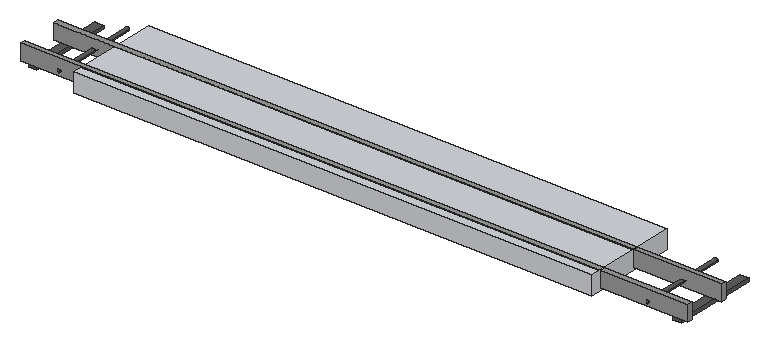
Revit family "1213-2, Solid", category Generic Models, host Face, Revit 2020
Family settings
  Host = Face
  Can host rebar = No
  Round Connector Dimension = Use Diameter
  Part Type = Normal
  Cut with Voids When Loaded = No
  Shared = No
  Room Calculation Point = No
Parameters
  min_value [instance] = 1' - 11 1/4"  # constant formula
  max_value [instance] = 11' - 11 1/4"  # constant formula
  actual_value [instance] = if(NET LENGTH < min_value, min_value, if(NET LENGTH > max_value, max_value, NET LENGTH))  # 7' - 11 1/4"
  NET LENGTH [instance] = 7' - 11 1/4"
  IMPORTANT NOTE!!!                                                                             *Backer & dowel layout is for visualization purposes only, final layout to be determined by 9Wood. [instance] = ""
  Default Elevation = 4' - 0"
  DOWEL RADIUS [instance] = 0' - 0 1/4"  # constant formula
  BACKING M MATERIAL [instance] = BLACK-BACKERS
  .. MEMBER WIDTH [instance] = 0' - 0 3/4"  # constant formula
  .. MEMBER MATERIAL [instance] = Solid Western Hemlock
  .. MEMBER DEPTH [instance] = 0' - 2 1/4"  # constant formula
  .. MEMBER COUNT [instance] = 2  # constant formula
Reference planes (in)
  plane 1 "Center (Front/Back)": y = 0
  plane 2: z = 2.726
  plane 3 "Center (Left/Right)": x = 0
Forms (in)
  Extrusion 1, solid
    sketch origin (15, -0.86619, -0.99308) x (0, 1, 0) y (-1, 0, 0)
      loop
        line (3.42869, -23.66817) -> (3.42869, 50.25) -> (-10, 50.25) -> (-10, -23.66817) -> (3.42869, -23.66817)
    from 3.71908 to 1.00111
Dimensions and locks (in)
  aligned and locked: plane 2 to Extrusion 1
Nested families (in)
  nested 1: "1200 Series" at (-44, -2, 1.87867), NET LENGTH <- "actual_value", DOWEL RADII <- "DOWEL RADIUS", .. MEMBER WIDTH <- ".. MEMBER WIDTH", .. MEMBER DEPTH <- ".. MEMBER DEPTH", .. MEMBER MATERIAL <- ".. MEMBER MATERIAL", BACKING M MATERIAL <- "BACKING M MATERIAL", .. MEMBER COUNT <- ".. MEMBER COUNT", type "1200 Series"
    with X 7' - 4", WIDTH 1' - 0 1/16", Space 0' - 0 11/16", START 0' - 0 3/8", SCRIM MATERIAL SCRIM, SCRIM 3 8' - 1", SCRIM 2 0' - 0 7/8", SCRIM 1 0' - 0 3/32", SCRIM yes, NET LENGTH 7' - 11 1/4", N 8, INSET 3 0' - 0 3/16", INSET 0' - 1", INDEX 0' - 5 5/8", END BACKER yes, DOWEL RADII 0' - 0 1/4", DOWEL COUNT 8, BACKING M WIDTH 0' - 1 1/4", BACKING M MATERIAL BLACK-BACKERS, BACKING M LENGTH 0' - 11 7/8", BACKING M DEPTH 0' - 0 1/2", .. MEMBER WIDTH 0' - 0 3/4", .. MEMBER OC TYP 0' - 6", .. MEMBER MATERIAL Solid Western Hemlock, .. MEMBER DEPTH 0' - 2 1/4", .. MEMBER COUNT 2
Definition of nested family "1200 Series"
  Parameters (values of type "1200 Series")
    X [instance] = NET LENGTH - (0' 3 5/8" * 2)  # 6' - 2"
    WIDTH [instance] = 1' - 0 1/16"
    Space [instance] = 0' - 0 11/16"  # constant formula
    START [instance] = .. MEMBER WIDTH / 2  # 0' - 0 3/8"
    SCRIM MATERIAL [instance] = none
    SCRIM 3 [instance] = NET LENGTH + (SCRIM 2 * 2)  # 6' - 11"
    SCRIM 2 [instance] = 0' - 0 7/8"
    SCRIM 1 [instance] = 0' - 0 3/32"
    SCRIM [instance] = yes
    NET LENGTH [instance] = 6' - 9 1/4"
    N [instance] = if((X - (rounddown(X / 1' 0") * 1' 0")) > 1' 0", rounddown(X / 1' 0") + 2, rounddown(X / 1' 0") + 1)  # 7
    INSET 3 [instance] = 0' - 0 3/16"
    INSET [instance] = 0' - 1"
    INDEX [instance] = (NET LENGTH - ((N - 1) * 1' 0")) / 2  # 0' - 4 5/8"
    END BACKER [instance] = yes
    Default Elevation = 0' - 0"
    DOWEL RADII [instance] = 0' - 0 1/4"
    DOWEL COUNT [instance] = N  # 7
    BACKING M WIDTH [instance] = 0' - 1 1/4"
    BACKING M MATERIAL [instance] = none
    BACKING M LENGTH [instance] = 0' - 11 7/8"
    BACKING M DEPTH [instance] = 0' - 0 1/2"
    .. MEMBER WIDTH [instance] = 0' - 0 3/4"
    .. MEMBER OC TYP [instance] = 1' 0" / .. MEMBER COUNT  # 0' - 3"
    .. MEMBER MATERIAL [instance] = none
    .. MEMBER DEPTH [instance] = 0' - 1 3/8"
    .. MEMBER COUNT [instance] = 4
  Reference planes (in)
    plane 1 "Center (Front/Back)": y = -7.5
    plane 2: z = 0
    plane 3 "Center (Left/Right)": x = 0
    plane 4: x = 1
    plane 5: x = 4.625
    plane 6: x = 81.25
    plane 7: x = 80.25
    plane 8: x = 16.625
    plane 9: y = -7.3125
    plane 10: y = -4.125
    plane 11: y = -7.125
    plane 12: y = 4.5625
    plane 13: y = -4.5
    plane 14: y = -7.59375
    plane 15: x = 82.125
    plane 16: y = 4.65625
    plane 17: x = -0.875
    plane 18: z = -1.375
    plane 19: z = -0.6875
  Lines and regions (in)
    model lines
      curve 1: line (4.375, -7.5, -0.6875) -> (4.875, -7.5, -0.6875)
    model lines, not visible
      curve 2: line (4.625, -7.5, -0.9375) -> (4.625, -7.5, -0.4375)
      curve 3: line (4.375, -7.5, -0.6875) -> (4.875, -7.5, -0.6875)
      curve 4: line (16.625, -7.5, -0.9375) -> (16.625, -7.5, -0.4375)
      curve 5: line (16.375, -7.5, -0.6875) -> (16.875, -7.5, -0.6875)
      curve 6: line (28.625, -7.5, -0.9375) -> (28.625, -7.5, -0.4375)
      curve 7: line (28.375, -7.5, -0.6875) -> (28.875, -7.5, -0.6875)
      curve 8: line (40.625, -7.5, -0.9375) -> (40.625, -7.5, -0.4375)
      curve 9: line (40.375, -7.5, -0.6875) -> (40.875, -7.5, -0.6875)
      curve 10: line (52.625, -7.5, -0.9375) -> (52.625, -7.5, -0.4375)
      curve 11: line (52.375, -7.5, -0.6875) -> (52.875, -7.5, -0.6875)
      curve 12: line (64.625, -7.5, -0.9375) -> (64.625, -7.5, -0.4375)
      curve 13: line (64.375, -7.5, -0.6875) -> (64.875, -7.5, -0.6875)
      curve 14: line (76.625, -7.5, -0.9375) -> (76.625, -7.5, -0.4375)
      curve 15: line (76.375, -7.5, -0.6875) -> (76.875, -7.5, -0.6875)
  Dimensions and locks (in)
    "NET LENGTH": plane 3 "Center (Left/Right)" to plane 6
    "INSET": plane 7 to plane 6
    "INDEX": plane 3 "Center (Left/Right)" to plane 5
    plane 5 to plane 8 = 1' - 0"
    "INSET 3": plane 1 "Center (Front/Back)" to plane 9
    equal spacing: group 1, group 2, group 3, group 4  (x3)
    "START": plane 11 to plane 1 "Center (Front/Back)"
    ".. MEMBER OC TYP": plane 10 to plane 11
    "WIDTH": plane 12 to plane 1 "Center (Front/Back)"
    "START": plane 10 to plane 13
    "SCRIM 1": plane 14 to plane 1 "Center (Front/Back)"
    "SCRIM 2": plane 6 to plane 15
    "SCRIM 1": plane 12 to plane 16
    "SCRIM 2": plane 17 to plane 3 "Center (Left/Right)"
    "INSET": plane 3 "Center (Left/Right)" to plane 4
    equal spacing: group 5, group 6, group 7, group 8, group 9, group 10, group 11  (x3)
    "Space": plane 19 to plane 18
    aligned and locked: level to plane 2
    aligned and locked: nested 1 to plane 4  (x2)
    aligned and locked: plane 7 to nested 2
    aligned and locked: plane 5 to nested 3
    aligned and locked: nested 1 to plane 9
    aligned and locked: plane 1 "Center (Front/Back)" to nested 4
    aligned and locked: plane 9 to nested 2
    aligned and locked: plane 13 to nested 5
    aligned and locked: nested 3 to plane 9
    aligned and locked: plane 18 to nested 1
    aligned and locked: plane 19 to nested 3
    aligned and locked: curve 1 to plane 19
    aligned and locked: plane 8 to curve 4
    aligned and locked: curve 5 to plane 19
    aligned and locked: nested 4 to plane 18
  Automatic sketch dimensions
    curve 1 to curve 1 = 0' - 0 1/2"
    curve 1 to plane 5 = 0' - 0 1/4"
    plane 5 to curve 1 = 0' - 0 1/4"
    curve 3 to curve 2 = 0' - 0 1/4"  (x2)
    curve 2 to curve 3 = 0' - 0 1/4"  (x2)
    curve 5 to curve 4 = 0' - 0 1/4"  (x2)
    curve 4 to curve 5 = 0' - 0 1/4"  (x2)
    curve 7 to curve 6 = 0' - 0 1/4"  (x2)
    curve 6 to curve 7 = 0' - 0 1/4"  (x2)
    curve 9 to curve 8 = 0' - 0 1/4"  (x2)
    curve 8 to curve 9 = 0' - 0 1/4"  (x2)
    curve 11 to curve 10 = 0' - 0 1/4"  (x2)
    curve 10 to curve 11 = 0' - 0 1/4"  (x2)
    curve 13 to curve 12 = 0' - 0 1/4"  (x2)
    curve 12 to curve 13 = 0' - 0 1/4"  (x2)
    curve 15 to curve 14 = 0' - 0 1/4"  (x2)
    curve 14 to curve 15 = 0' - 0 1/4"  (x2)
  Nested families (in)
    nested 1: "INSTANCE - 2ND -  EXTEND SIDE H CENTER W - Parametric Cube" at (1, -1.375, -1.375) x (0, -1, 0) z (0, 0, 1), Width <- "BACKING M LENGTH", Length <- "BACKING M WIDTH", Material <- "BACKING M MATERIAL", Height <- "BACKING M DEPTH", visible <- "END BACKER", type "INSTANCE - 2ND -  EXTEND SIDE H CENTER W - Parametric Cube"
      with Width 0' - 11 7/8", Material none, Length 0' - 1 1/4", Height 0' - 0 1/2"
    nested 2: "INSTANCE - 2ND -  EXTEND SIDE H CENTER W - Parametric Cube" at (80.25, -1.375, -1.375) x (0, -1, 0) z (0, 0, 1), Width <- "BACKING M LENGTH", Length <- "BACKING M WIDTH", Material <- "BACKING M MATERIAL", Height <- "BACKING M DEPTH", visible <- "END BACKER", type "INSTANCE - 2ND -  EXTEND SIDE H CENTER W - Parametric Cube"
      with Width 0' - 11 7/8", Material none, Length 0' - 1 1/4", Height 0' - 0 1/2"
    nested 3: "Family3" at (-5.375, -7.3125, -0.6875), DOWEL RADII <- "DOWEL RADII", BACKING MEM MATERIAL <- "BACKING M MATERIAL", type "Family3"
      with DOWEL RADII 0' - 0 1/4", DOWEL LENGTH 0' - 11 7/8", BACKING MEM MATERIAL none
    nested 4: "HOLED MEMBER" at (0, -18.75, 6.19404), DOWEL RADII <- "DOWEL RADII", .. MEMBER LENGTH <- "NET LENGTH", DOWEL COUNT <- "DOWEL COUNT", DEPTH <- ".. MEMBER DEPTH", .. MEMBER WIDTH <- ".. MEMBER WIDTH", Material <- ".. MEMBER MATERIAL", DOWEL INDEX <- "INDEX", Space 2 <- "Space", type "HOLED MEMBER"
      with Width 0' - 6", Space 2 0' - 0 11/16", Material none, Length 1' - 0", Height 0' - 10.43096", DOWEL RADII 0' - 0 1/4", DOWEL OC DIST 1' - 0", DOWEL INDEX 0' - 4 5/8", DOWEL COUNT 7, DEPTH 0' - 1 3/8", .. MEMBER WIDTH 0' - 0 3/4", .. MEMBER LENGTH 6' - 9 1/4"
    nested 5: "HOLED MEMBER" at (0, -15.75, 6.19404), DOWEL RADII <- "DOWEL RADII", .. MEMBER LENGTH <- "NET LENGTH", DOWEL COUNT <- "DOWEL COUNT", DEPTH <- ".. MEMBER DEPTH", .. MEMBER WIDTH <- ".. MEMBER WIDTH", Material <- ".. MEMBER MATERIAL", DOWEL INDEX <- "INDEX", Space 2 <- "Space", type "HOLED MEMBER"
      with Width 0' - 6", Space 2 0' - 0 11/16", Material none, Length 1' - 0", Height 0' - 10.43096", DOWEL RADII 0' - 0 1/4", DOWEL OC DIST 1' - 0", DOWEL INDEX 0' - 4 5/8", DOWEL COUNT 7, DEPTH 0' - 1 3/8", .. MEMBER WIDTH 0' - 0 3/4", .. MEMBER LENGTH 6' - 9 1/4"
    nested 6: "HOLED MEMBER" at (0, -12.75, 6.19404), DOWEL RADII <- "DOWEL RADII", .. MEMBER LENGTH <- "NET LENGTH", DOWEL COUNT <- "DOWEL COUNT", DEPTH <- ".. MEMBER DEPTH", .. MEMBER WIDTH <- ".. MEMBER WIDTH", Material <- ".. MEMBER MATERIAL", DOWEL INDEX <- "INDEX", Space 2 <- "Space", type "HOLED MEMBER"
      with Width 0' - 6", Space 2 0' - 0 11/16", Material none, Length 1' - 0", Height 0' - 10.43096", DOWEL RADII 0' - 0 1/4", DOWEL OC DIST 1' - 0", DOWEL INDEX 0' - 4 5/8", DOWEL COUNT 7, DEPTH 0' - 1 3/8", .. MEMBER WIDTH 0' - 0 3/4", .. MEMBER LENGTH 6' - 9 1/4"
    nested 7: "HOLED MEMBER" at (0, -9.75, 6.19404), DOWEL RADII <- "DOWEL RADII", .. MEMBER LENGTH <- "NET LENGTH", DOWEL COUNT <- "DOWEL COUNT", DEPTH <- ".. MEMBER DEPTH", .. MEMBER WIDTH <- ".. MEMBER WIDTH", Material <- ".. MEMBER MATERIAL", DOWEL INDEX <- "INDEX", Space 2 <- "Space", type "HOLED MEMBER"
      with Width 0' - 6", Space 2 0' - 0 11/16", Material none, Length 1' - 0", Height 0' - 10.43096", DOWEL RADII 0' - 0 1/4", DOWEL OC DIST 1' - 0", DOWEL INDEX 0' - 4 5/8", DOWEL COUNT 7, DEPTH 0' - 1 3/8", .. MEMBER WIDTH 0' - 0 3/4", .. MEMBER LENGTH 6' - 9 1/4"
    nested 8: "Family3" at (6.625, -7.3125, -0.6875), DOWEL RADII <- "DOWEL RADII", BACKING MEM MATERIAL <- "BACKING M MATERIAL", type "Family3"
      with DOWEL RADII 0' - 0 1/4", DOWEL LENGTH 0' - 11 7/8", BACKING MEM MATERIAL none
    nested 9: "Family3" at (18.625, -7.3125, -0.6875), DOWEL RADII <- "DOWEL RADII", BACKING MEM MATERIAL <- "BACKING M MATERIAL", type "Family3"
      with DOWEL RADII 0' - 0 1/4", DOWEL LENGTH 0' - 11 7/8", BACKING MEM MATERIAL none
    nested 10: "Family3" at (30.625, -7.3125, -0.6875), DOWEL RADII <- "DOWEL RADII", BACKING MEM MATERIAL <- "BACKING M MATERIAL", type "Family3"
      with DOWEL RADII 0' - 0 1/4", DOWEL LENGTH 0' - 11 7/8", BACKING MEM MATERIAL none
    nested 11: "Family3" at (42.625, -7.3125, -0.6875), DOWEL RADII <- "DOWEL RADII", BACKING MEM MATERIAL <- "BACKING M MATERIAL", type "Family3"
      with DOWEL RADII 0' - 0 1/4", DOWEL LENGTH 0' - 11 7/8", BACKING MEM MATERIAL none
    nested 12: "Family3" at (54.625, -7.3125, -0.6875), DOWEL RADII <- "DOWEL RADII", BACKING MEM MATERIAL <- "BACKING M MATERIAL", type "Family3"
      with DOWEL RADII 0' - 0 1/4", DOWEL LENGTH 0' - 11 7/8", BACKING MEM MATERIAL none
    nested 13: "Family3" at (66.625, -7.3125, -0.6875), DOWEL RADII <- "DOWEL RADII", BACKING MEM MATERIAL <- "BACKING M MATERIAL", type "Family3"
      with DOWEL RADII 0' - 0 1/4", DOWEL LENGTH 0' - 11 7/8", BACKING MEM MATERIAL none
  Definition of nested family "INSTANCE - 2ND -  EXTEND SIDE H CENTER W - Parametric Cube"
    Parameters (values of type "INSTANCE - 2ND -  EXTEND SIDE H CENTER W - Parametric Cube")
      Width [instance] = 0' - 6"
      Material [instance] = none
      Length [instance] = 1' - 0"
      Height [instance] = 1' - 6"
      Default Elevation = 0' - 0"
    Reference planes (in)
      plane 1 "Center (Front/Back)": y = 0
      plane 2: z = 0
      plane 3 "Center (Left/Right)": x = 0
      plane 4: x = -3
      plane 5: x = 3
      plane 6: y = 12
      plane 7: z = -18
    Forms (in)
      Extrusion 1, solid, material <- "Material"
        sketch origin (0, 6, 0) x (1, 0, 0) y (0, 1, 0)
          loop
            line (-3, 6) -> (-3, -6) -> (3, -6) -> (3, 6) -> (-3, 6)
        from -18 to 0
    Dimensions and locks (in)
      equal spacing: plane 4, plane 3 "Center (Left/Right)", plane 5
      "Width": plane 4 to plane 5
      "Height": plane 7 to level
      "Length": plane 1 "Center (Front/Back)" to plane 6
      aligned and locked: plane 2 to level
      aligned and locked: plane 4 to Extrusion 1 sketch curve
      aligned and locked: Extrusion 1 sketch curve to plane 5
      aligned and locked: Extrusion 1 to plane 7
      aligned and locked: plane 6 to Extrusion 1
    Automatic sketch dimensions
      plane 1 "Center (Front/Back)" to Extrusion 1 sketch curve = 0' - 0"
      plane 6 to Extrusion 1 sketch curve = 0' - 0"
  Definition of nested family "Family3"
    Parameters (values of type "Family3")
      Default Elevation = 0' - 0"
      DOWEL RADII [instance] = 0' - 0 5/8"
      DOWEL LENGTH [instance] = 0' - 5"
      BACKING MEM MATERIAL [instance] = none
    Reference planes (in)
      plane 1 "Center (Front/Back)": y = 0
      plane 2: z = 0
      plane 3 "Center (Left/Right)": x = 0
      plane 4: y = 5
    Forms (in)
      Extrusion 1, solid, material <- "BACKING MEM MATERIAL"
        sketch origin (10, 0, 0) x (1, 0, 0) y (0, 0, 1)
          loop
            circle (0, 0) r 0.625
        from 0 to -5
      Extrusion 2, solid, not visible
        sketch origin (0, 0, 0) x (1, 0, 0) y (0, 0, 1)
          loop
            circle (0, 0) r 0.625
        from 0 to 12
      Extrusion 3, solid, not visible
        sketch origin (10, 0, 0) x (1, 0, 0) y (0, 0, 1)
          loop
            circle (0, 0) r 0.625
        from 0 to 2.5
      Extrusion 4, solid, not visible
        sketch origin (10, 0, 0) x (1, 0, 0) y (0, 0, 1)
          loop
            circle (0, 0) r 0.625
        from 0 to -12
    Lines and regions (in)
      model lines, not visible
        curve 1: line (-13, 0, 0) -> (-13, -12, 0)
        curve 2: line (13, 0, 0) -> (13, -12, 0)
        curve 3: line (9.89453, 0, 0) -> (10.08794, 0, 0)
        curve 4: line (9.89453, -2.5, 0) -> (10.08794, -2.5, 0)
        curve 6: line (10, 0, 0) -> (10, 2, 0)
      model lines
        curve 5: line (10, 0, 0) -> (10, 2, 0)
    Dimensions and locks (in)
      "DOWEL LENGTH": plane 1 "Center (Front/Back)" to plane 4
      "DOWEL RADII": radius of Extrusion 1 sketch curve
      "DOWEL RADII": radius of Extrusion 2 sketch curve
      "DOWEL RADII": radius of Extrusion 3 sketch curve
      "DOWEL RADII": radius of Extrusion 4 sketch curve
      "DOWEL RADII": radius of Extrusion 1
      aligned and locked: plane 2 to level
      aligned and locked: Extrusion 1 to plane 1 "Center (Front/Back)"  (x3)
      aligned and locked: plane 1 "Center (Front/Back)" to Extrusion 1
      aligned and locked: plane 4 to Extrusion 1
    Automatic sketch dimensions
      plane 1 "Center (Front/Back)" to curve 5 = 0' - 0"
      curve 5 to plane 1 "Center (Front/Back)" = 0' - 2"
      plane 3 "Center (Left/Right)" to curve 5 = 0' - 10"
      Extrusion 1 sketch curve to level = 0' - 0"
      plane 3 "Center (Left/Right)" to Extrusion 1 sketch curve = 0' - 10"
  Definition of nested family "HOLED MEMBER"
    Parameters (values of type "HOLED MEMBER")
      Width [instance] = 0' - 6"
      Space 2 [instance] = 0' - 0 5/8"
      Space = 0' - 0 5/8"
      Material [instance] = none
      Length [instance] = 1' - 0"
      Height [instance] = 0' - 10.43096"
      Default Elevation = 0' - 0"
      DOWEL RADII [instance] = 0' - 0.34537"
      DOWEL OC DIST [instance] = 1' - 0"
      DOWEL INSET = 0' - 0 5/8"
      DOWEL INDEX [instance] = 0' - 5 5/8"
      DOWEL COUNT [instance] = 6
      DEPTH [instance] = 0' - 2"
      .. MEMBER WIDTH [instance] = 0' - 0 5/8"
      .. MEMBER LENGTH [instance] = 5' - 11 3/4"
    Reference planes (in)
      plane 1 "Center (Front/Back)": y = 12
      plane 2: z = -7.56904
      plane 3 "Center (Left/Right)": x = 0
      plane 4: x = 5.625
      plane 5: x = 17.625
      plane 6: y = 11.375
      plane 7: x = 71.75
      plane 8: z = -6.94404
      plane 9: z = -5.56904
    Forms (in)
      Extrusion 1, solid, material <- "Material"
        sketch origin (0, 12, -13.56904) x (1, 0, 0) y (0, 0, 1)
          loop
            line (0, 6) -> (71.75, 6) -> (71.75, 8) -> (0, 8) -> (0, 6)
        from 0.625 to 0
      Extrusion 2, void
        sketch origin (0, 12, -18.31904) x (1, 0, 0) y (0, 0, 1)
          loop
            circle (5.625, 11.375) r 0.34537
        from 0 to 12
      Extrusion 3, void, not visible
        sketch origin (0, 1.25, 0) x (1, 0, 0) y (0, 1, 0)
          loop
            circle (5.625, 11.375) r 0.34537
        from 0 to 12
      Extrusion 4, void, not visible
        sketch origin (0, 1.25, 0) x (1, 0, 0) y (0, 1, 0)
          loop
            circle (5.625, 11.375) r 0.34537
        from 0 to 12
      Extrusion 5, void, not visible
        sketch origin (12, 1.25, 0) x (1, 0, 0) y (0, 1, 0)
          loop
            circle (5.625, 11.375) r 0.34537
        from 0 to 12
      Extrusion 6, void, not visible
        sketch origin (0, 12, -16.31904) x (1, 0, 0) y (0, 0, 1)
          loop
            circle (5.625, 11.375) r 0.34537
        from 0 to 12
      Extrusion 7, void, not visible
        sketch origin (12, 12, -16.31904) x (1, 0, 0) y (0, 0, 1)
          loop
            circle (5.625, 11.375) r 0.34537
        from 0 to 12
      Extrusion 8, void, not visible
        sketch origin (0, 12, -18.31904) x (1, 0, 0) y (0, 0, 1)
          loop
            circle (5.625, 11.375) r 0.34537
        from 0 to 12
      Extrusion 9, void
        sketch origin (12, 12, -18.31904) x (1, 0, 0) y (0, 0, 1)
          loop
            circle (5.625, 11.375) r 0.34537
        from 0 to 12
      Extrusion 10, void, not visible
        sketch origin (24, 12, -16.31904) x (1, 0, 0) y (0, 0, 1)
          loop
            circle (5.625, 11.375) r 0.34537
        from 0 to 12
      Extrusion 11, void, not visible
        sketch origin (36, 12, -16.31904) x (1, 0, 0) y (0, 0, 1)
          loop
            circle (5.625, 11.375) r 0.34537
        from 0 to 12
      Extrusion 12, void, not visible
        sketch origin (48, 12, -16.31904) x (1, 0, 0) y (0, 0, 1)
          loop
            circle (5.625, 11.375) r 0.34537
        from 0 to 12
      Extrusion 13, void, not visible
        sketch origin (60, 12, -16.31904) x (1, 0, 0) y (0, 0, 1)
          loop
            circle (5.625, 11.375) r 0.34537
        from 0 to 12
      Extrusion 14, void, not visible
        sketch origin (24, 1.25, 0) x (1, 0, 0) y (0, 1, 0)
          loop
            circle (5.625, 11.375) r 0.34537
        from 0 to 12
      Extrusion 15, void, not visible
        sketch origin (36, 1.25, 0) x (1, 0, 0) y (0, 1, 0)
          loop
            circle (5.625, 11.375) r 0.34537
        from 0 to 12
      Extrusion 16, void, not visible
        sketch origin (48, 1.25, 0) x (1, 0, 0) y (0, 1, 0)
          loop
            circle (5.625, 11.375) r 0.34537
        from 0 to 12
      Extrusion 17, void, not visible
        sketch origin (60, 1.25, 0) x (1, 0, 0) y (0, 1, 0)
          loop
            circle (5.625, 11.375) r 0.34537
        from 0 to 12
      Extrusion 18, void
        sketch origin (24, 12, -18.31904) x (1, 0, 0) y (0, 0, 1)
          loop
            circle (5.625, 11.375) r 0.34537
        from 0 to 12
      Extrusion 19, void
        sketch origin (36, 12, -18.31904) x (1, 0, 0) y (0, 0, 1)
          loop
            circle (5.625, 11.375) r 0.34537
        from 0 to 12
      Extrusion 20, void
        sketch origin (48, 12, -18.31904) x (1, 0, 0) y (0, 0, 1)
          loop
            circle (5.625, 11.375) r 0.34537
        from 0 to 12
      Extrusion 21, void
        sketch origin (60, 12, -18.31904) x (1, 0, 0) y (0, 0, 1)
          loop
            circle (5.625, 11.375) r 0.34537
        from 0 to 12
    Cuts and joins
      Extrusion 2, Extrusion 9, Extrusion 18, Extrusion 19, Extrusion 20, Extrusion 21 cuts Extrusion 1
    Lines and regions (in)
      model lines, not visible
        curve 1: line (5.625, 11.72037, 0) -> (5.625, 11.02963, 0)
        curve 2: line (5.625, 11.72037, 0) -> (5.625, 11.02963, 0)
        curve 3: line (17.625, 11.72037, 0) -> (17.625, 11.02963, 0)
        curve 4: line (5.625, 12, -7.56904) -> (5.625, 11.87317, -7.56904)
        curve 5: line (5.625, 11.87317, -7.56904) -> (5.06195, 11.87317, -7.56904)
        curve 6: line (5.06195, 11.87317, -7.56904) -> (5.27963, 11.375, -7.56904)
        curve 7: line (0, 12, -6.19404) -> (0, 11.61951, -6.19404)
        curve 8: line (0, 11.375, -8.19404) -> (0, 11.6747, -8.19404)
        curve 9: line (5.625, 12, -7.56904) -> (5.625, 11.69863, -7.56904)
        curve 11: line (5.625, 12, 0) -> (5.625, 12, 0.30137)
        curve 12: line (5.625, 12, 0) -> (5.625, 12, 0.30137)
        curve 13: line (17.625, 12, 0) -> (17.625, 12, 0.30137)
        curve 14: line (5.625, 12, -5.56904) -> (5.625, 11.69863, -5.56904)
        curve 15: line (17.625, 12, -5.56904) -> (17.625, 11.69863, -5.56904)
        curve 16: line (5.625, 12, -7.56904) -> (5.625, 11.69863, -7.56904)
        curve 18: line (29.625, 12, -5.56904) -> (29.625, 11.69863, -5.56904)
        curve 19: line (41.625, 12, -5.56904) -> (41.625, 11.69863, -5.56904)
        curve 20: line (53.625, 12, -5.56904) -> (53.625, 11.69863, -5.56904)
        curve 21: line (65.625, 12, -5.56904) -> (65.625, 11.69863, -5.56904)
        curve 22: line (29.625, 11.72037, 0) -> (29.625, 11.02963, 0)
        curve 23: line (29.625, 12, 0) -> (29.625, 12, 0.30137)
        curve 24: line (41.625, 11.72037, 0) -> (41.625, 11.02963, 0)
        curve 25: line (41.625, 12, 0) -> (41.625, 12, 0.30137)
        curve 26: line (53.625, 11.72037, 0) -> (53.625, 11.02963, 0)
        curve 27: line (53.625, 12, 0) -> (53.625, 12, 0.30137)
        curve 28: line (65.625, 11.72037, 0) -> (65.625, 11.02963, 0)
        curve 29: line (65.625, 12, 0) -> (65.625, 12, 0.30137)
        curve 35: line (5.27963, 12.625, 0) -> (5.97037, 12.625, 0)
        curve 36: line (5.27963, 12.625, 0) -> (5.97037, 12.625, 0)
        curve 37: line (17.27963, 12.625, 0) -> (17.97037, 12.625, 0)
        curve 38: line (5.27963, 12, -4.94404) -> (5.97037, 12, -4.94404)
        curve 39: line (17.27963, 12, -4.94404) -> (17.97037, 12, -4.94404)
        curve 40: line (5.27963, 12, -6.94404) -> (5.97037, 12, -6.94404)
        curve 42: line (29.27963, 12, -4.94404) -> (29.97037, 12, -4.94404)
        curve 43: line (41.27963, 12, -4.94404) -> (41.97037, 12, -4.94404)
        curve 44: line (53.27963, 12, -4.94404) -> (53.97037, 12, -4.94404)
        curve 45: line (65.27963, 12, -4.94404) -> (65.97037, 12, -4.94404)
        curve 46: line (29.27963, 12.625, 0) -> (29.97037, 12.625, 0)
        curve 47: line (41.27963, 12.625, 0) -> (41.97037, 12.625, 0)
        curve 48: line (53.27963, 12.625, 0) -> (53.97037, 12.625, 0)
        curve 49: line (65.27963, 12.625, 0) -> (65.97037, 12.625, 0)
        curve 54: line (0, 12, -6.94404) -> (0, 4.22059, -6.94404)
        curve 55: line (0, 12.625, 0) -> (0, 12.625, 7.77941)
        curve 56: line (0, 12.625, 0) -> (0, 12.625, 7.77941)
        curve 57: line (12, 12.625, 0) -> (12, 12.625, 7.77941)
        curve 58: line (0, 12, -4.94404) -> (0, 4.22059, -4.94404)
        curve 59: line (12, 12, -4.94404) -> (12, 4.22059, -4.94404)
        curve 60: line (0, 12, -6.94404) -> (0, 4.22059, -6.94404)
        curve 61: line (12, 12, -6.94404) -> (12, 4.22059, -6.94404)
        curve 62: line (24, 12, -4.94404) -> (24, 4.22059, -4.94404)
        curve 63: line (36, 12, -4.94404) -> (36, 4.22059, -4.94404)
        curve 64: line (48, 12, -4.94404) -> (48, 4.22059, -4.94404)
        curve 65: line (60, 12, -4.94404) -> (60, 4.22059, -4.94404)
        curve 66: line (24, 12.625, 0) -> (24, 12.625, 7.77941)
        curve 67: line (36, 12.625, 0) -> (36, 12.625, 7.77941)
        curve 68: line (48, 12.625, 0) -> (48, 12.625, 7.77941)
        curve 69: line (60, 12.625, 0) -> (60, 12.625, 7.77941)
        curve 70: line (24, 12, -6.94404) -> (24, 4.22059, -6.94404)
        curve 71: line (36, 12, -6.94404) -> (36, 4.22059, -6.94404)
        curve 72: line (48, 12, -6.94404) -> (48, 4.22059, -6.94404)
        curve 73: line (60, 12, -6.94404) -> (60, 4.22059, -6.94404)
      model lines
        curve 10: line (5.625, 12, -7.56904) -> (5.625, 11.69863, -7.56904)
        curve 17: line (17.625, 12, -7.56904) -> (17.625, 11.69863, -7.56904)
        curve 30: line (29.625, 12, -7.56904) -> (29.625, 11.69863, -7.56904)
        curve 31: line (41.625, 12, -7.56904) -> (41.625, 11.69863, -7.56904)
        curve 32: line (53.625, 12, -7.56904) -> (53.625, 11.69863, -7.56904)
        curve 33: line (65.625, 12, -7.56904) -> (65.625, 11.69863, -7.56904)
        curve 34: line (5.27963, 12, -6.94404) -> (5.97037, 12, -6.94404)
        curve 41: line (17.27963, 12, -6.94404) -> (17.97037, 12, -6.94404)
        curve 50: line (29.27963, 12, -6.94404) -> (29.97037, 12, -6.94404)
        curve 51: line (41.27963, 12, -6.94404) -> (41.97037, 12, -6.94404)
        curve 52: line (53.27963, 12, -6.94404) -> (53.97037, 12, -6.94404)
        curve 53: line (65.27963, 12, -6.94404) -> (65.97037, 12, -6.94404)
    Dimensions and locks (in)
      "DOWEL INDEX": plane 3 "Center (Left/Right)" to plane 4
      "DOWEL OC DIST": plane 4 to plane 5
      ".. MEMBER LENGTH": plane 3 "Center (Left/Right)" to plane 7
      equal spacing: group 3, group 4, group 17, group 18, group 19, group 20  (x3)
      equal spacing: group 7, group 8, group 13, group 14, group 15, group 16  (x3)
      equal spacing: group 1, group 12, group 21, group 22, group 23, group 24  (x3)
      ".. MEMBER WIDTH": plane 6 to plane 1 "Center (Front/Back)"
      "DEPTH": plane 9 to level
      "Space 2": plane 8 to level
      "DOWEL RADII": radius of Extrusion 2 sketch curve
      "DOWEL RADII": radius of Extrusion 3 sketch curve
      "DOWEL RADII": radius of Extrusion 4 sketch curve
      "DOWEL RADII": radius of Extrusion 5 sketch curve
      "DOWEL RADII": radius of Extrusion 6 sketch curve
      "DOWEL RADII": radius of Extrusion 7 sketch curve
      "DOWEL RADII": radius of Extrusion 8 sketch curve
      "DOWEL RADII": radius of Extrusion 9 sketch curve
      "DOWEL RADII": radius of Extrusion 10 sketch curve
      "DOWEL RADII": radius of Extrusion 11 sketch curve
      "DOWEL RADII": radius of Extrusion 12 sketch curve
      "DOWEL RADII": radius of Extrusion 13 sketch curve
      "DOWEL RADII": radius of Extrusion 14 sketch curve
      "DOWEL RADII": radius of Extrusion 15 sketch curve
      "DOWEL RADII": radius of Extrusion 16 sketch curve
      "DOWEL RADII": radius of Extrusion 17 sketch curve
      "DOWEL RADII": radius of Extrusion 18 sketch curve
      "DOWEL RADII": radius of Extrusion 19 sketch curve
      "DOWEL RADII": radius of Extrusion 20 sketch curve
      "DOWEL RADII": radius of Extrusion 21 sketch curve
      aligned and locked: level to plane 2
      aligned and locked: Extrusion 1 to plane 3 "Center (Left/Right)"  (x2)
      aligned and locked: plane 7 to cut or joined group of Extrusion 1, Extrusion 2, Extrusion 9, Extrusion 18, Extrusion 19, Extrusion 20, Extrusion 21  (x2)
      aligned and locked: cut or joined group of Extrusion 1, Extrusion 2, Extrusion 9, Extrusion 18, Extrusion 19, Extrusion 20, Extrusion 21 to plane 1 "Center (Front/Back)"  (x2)
      aligned and locked: cut or joined group of Extrusion 1, Extrusion 2, Extrusion 9, Extrusion 18, Extrusion 19, Extrusion 20, Extrusion 21 to plane 6  (x2)
      aligned and locked: plane 4 to curve 10
      aligned and locked: plane 5 to curve 17
      aligned and locked: plane 9 to cut or joined group of Extrusion 1, Extrusion 2, Extrusion 9, Extrusion 18, Extrusion 19, Extrusion 20, Extrusion 21  (x2)
      aligned and locked: cut or joined group of Extrusion 1, Extrusion 2, Extrusion 9, Extrusion 18, Extrusion 19, Extrusion 20, Extrusion 21 to level
      aligned and locked: plane 8 to Extrusion 2
      aligned and locked: curve 34 to plane 8
      aligned and locked: curve 41 to plane 8
      aligned and locked: level to curve 10
      aligned and locked: curve 10 to level
      aligned and locked: plane 8 to cut or joined group of Extrusion 1, Extrusion 2, Extrusion 9, Extrusion 18, Extrusion 19, Extrusion 20, Extrusion 21
      aligned and locked: curve 54 to plane 8
    Automatic sketch dimensions
      curve 1 to curve 1 = 0' - 0.69074"
      curve 2 to curve 2 = 0' - 0.69074"
      curve 3 to curve 3 = 0' - 0.69074"
      Extrusion 1 sketch curve to plane 3 "Center (Left/Right)" = 0' - 0"
      Extrusion 1 sketch curve to plane 7 = 0' - 0"
      Extrusion 1 sketch curve to Extrusion 1 sketch curve = 0' - 2"
      level to Extrusion 1 sketch curve = 0' - 0"
      curve 9 to curve 9 = 0' - 0.30137"
      curve 10 to curve 10 = 0' - 0.30137"
      curve 11 to curve 11 = 0' - 0.30137"
      curve 12 to curve 12 = 0' - 0.30137"
      curve 13 to curve 13 = 0' - 0.30137"
      curve 14 to curve 14 = 0' - 0.30137"
      curve 15 to curve 15 = 0' - 0.30137"
      curve 16 to curve 16 = 0' - 0.30137"
      curve 17 to curve 17 = 0' - 0.30137"
      curve 18 to curve 18 = 0' - 0.30137"
      curve 19 to curve 19 = 0' - 0.30137"
      curve 20 to curve 20 = 0' - 0.30137"
      curve 21 to curve 21 = 0' - 0.30137"
      curve 22 to curve 22 = 0' - 0.69074"
      curve 23 to curve 23 = 0' - 0.30137"
      curve 24 to curve 24 = 0' - 0.69074"
      curve 25 to curve 25 = 0' - 0.30137"
      curve 26 to curve 26 = 0' - 0.69074"
      curve 27 to curve 27 = 0' - 0.30137"
      curve 28 to curve 28 = 0' - 0.69074"
      curve 29 to curve 29 = 0' - 0.30137"
      curve 30 to curve 30 = 0' - 0.30137"
      curve 31 to curve 31 = 0' - 0.30137"
      curve 32 to curve 32 = 0' - 0.30137"
      curve 33 to curve 33 = 0' - 0.30137"
      curve 34 to curve 34 = 0' - 0.69074"
      curve 35 to curve 35 = 0' - 0.69074"
      curve 36 to curve 36 = 0' - 0.69074"
      curve 37 to curve 37 = 0' - 0.69074"
      curve 38 to curve 38 = 0' - 0.69074"
      curve 39 to curve 39 = 0' - 0.69074"
      curve 40 to curve 40 = 0' - 0.69074"
      curve 41 to curve 41 = 0' - 0.69074"
      curve 42 to curve 42 = 0' - 0.69074"
      curve 43 to curve 43 = 0' - 0.69074"
      curve 44 to curve 44 = 0' - 0.69074"
      curve 45 to curve 45 = 0' - 0.69074"
      curve 46 to curve 46 = 0' - 0.69074"
      curve 47 to curve 47 = 0' - 0.69074"
      curve 48 to curve 48 = 0' - 0.69074"
      curve 49 to curve 49 = 0' - 0.69074"
      curve 50 to curve 50 = 0' - 0.69074"
      curve 51 to curve 51 = 0' - 0.69074"
      curve 52 to curve 52 = 0' - 0.69074"
      curve 53 to curve 53 = 0' - 0.69074"
      curve 54 to curve 54 = 0' - 7.77941"
      curve 55 to curve 55 = 0' - 7.77941"
      curve 56 to curve 56 = 0' - 7.77941"
      curve 57 to curve 57 = 0' - 7.77941"
      curve 58 to curve 58 = 0' - 7.77941"
      curve 59 to curve 59 = 0' - 7.77941"
      curve 60 to curve 60 = 0' - 7.77941"
      curve 61 to curve 61 = 0' - 7.77941"
      curve 62 to curve 62 = 0' - 7.77941"
      curve 63 to curve 63 = 0' - 7.77941"
      curve 64 to curve 64 = 0' - 7.77941"
      curve 65 to curve 65 = 0' - 7.77941"
      curve 66 to curve 66 = 0' - 7.77941"
      curve 67 to curve 67 = 0' - 7.77941"
      curve 68 to curve 68 = 0' - 7.77941"
      curve 69 to curve 69 = 0' - 7.77941"
      curve 70 to curve 70 = 0' - 7.77941"
      curve 71 to curve 71 = 0' - 7.77941"
      curve 72 to curve 72 = 0' - 7.77941"
      curve 73 to curve 73 = 0' - 7.77941"
